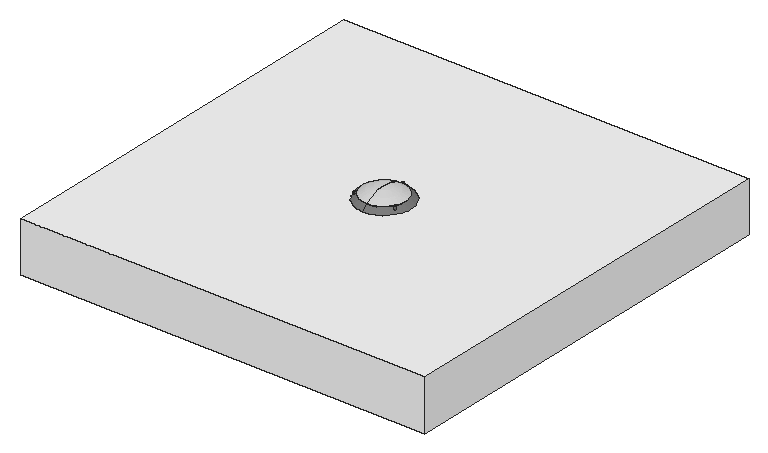
Revit family "Sarlam_Eclairage_Hublot_Chartres_Essentiel_T1_Anti_Vandale_Diam_322mm_1500Lm", category Luminaires, Revit 2020
Family settings
  Hôte = Face
  Cote de connecteur circulaire = Utiliser le diamètre
  Type d'élément = Normal
  Couper avec des vides une fois chargée = Non
  Source d'éclairage = Oui
  Partagée = Non
  Point de calcul de pièce = Non
Parameters (values of type "ON/OFF ANTHRACITE")
  Zone plafond formes 1à7 [instance] = and(not(Diamètre externe = 328 mm), or([Antivandale Formes 2-4-7]), not([Afficher la zone de détection-pose murale]), [Afficher la zone de détection-pose plafond])  # no
  Zone murale formes 1à7 [instance] = and(not(Diamètre externe = 328 mm), or([Antivandale Formes 2-4-7]), [Afficher la zone de détection-pose murale], not([Afficher la zone de détection-pose plafond]))  # no
  Zone de détection = ""
  URL = "http://www.legrandoc.com/SL532110"
  Type de variation = "Non régulable"
  Type de tension = "CA"
  Tension nominale (Un) V MIN = 207
  Tension nominale (Un) V MAX = 253
  built-in parameter 1150107 = 3200 (stored number, unit not read)
  Température de couleur K MIN = 4000
  Température de couleur K MAX = 4000
  Source lumineuse = "Led non interchangeable"
  Répartition lumineuse = "Symétrique"
  Puissance du système W = 14
  Puissance de la source lumineuse W = ""
  Puissance de la lampe en Multiwatt = "14/24W"
  Wattage = 9.2903 W
  built-in parameter 1150110 = 1 (stored number, unit not read)
  built-in parameter 1150109 = 1 (stored number, unit not read)
  built-in parameter 1114218 = 1 (stored number, unit not read)
  built-in parameter 1150113 = 1 (stored number, unit not read)
  built-in parameter 1150112 = 1 (stored number, unit not read)
  built-in parameter 1150137 = (empty or 0)
  built-in parameter 1150132 = (empty or 0)
  Modèle = "SL-532110"
  Longueur d'encastrement = 0 mm
  Longueur = 322 mm
  Largeur d'encastrement = 322 mm
  Largeur = 322 mm
  built-in parameter 1150105 = 109.82 (stored number, unit not read)
  built-in parameter 1150102 = (empty or 0)
  Hauteur/profondeur d'encastrement = 0 mm
  Hauteur/profondeur = 70 mm
  Dimming Lamp Color Temperature Shift = (empty or 0)
  Lumens = 1380 lm
  Color Filter = 16777215
  Fichier de distribution photométrique = "SL532106.ies"
  built-in parameter 1114217 = 1 (stored number, unit not read)
  built-in parameter 1150139 = (empty or 0)
  Fabricant = "LEGRAND"
  Emettre à partir du diamètre du cercle = 200 mm
  Emettre la visibilité des formes dans le rendu = no
  built-in parameter 1150104 = 13.8 (stored number, unit not read)
  built-in parameter 1150106 = 1.0982 (stored number, unit not read)
  built-in parameter 1150115 = 1 (stored number, unit not read)
  built-in parameter 1150114 = 1 (stored number, unit not read)
  Diamètre externe = 322 mm
  Diamètre d'encastrement = 0 mm
  Description = "CHARTRES ESSENTIEL 1500LM 4000K AV ON/OFF ANTHRACITE"
  built-in parameter 1150138 = (empty or 0)
  built-in parameter 1150134 = 3
  Condition Générale d'Utilisation = "https://export.legrand.com/CGU-objets-BIM"
  Angle de l'inclinaison = 0.00°
  Afficher la zone de détection-pose plafond [instance] = no
  Afficher la zone de détection-pose murale [instance] = no
  Matériau du boîtier/corps = Plastique
  Indice de rendu des couleurs CRI = "80-89"
  Indice de protection contre les chocs (IK) = "IK10"
  Indice de protection (IP) = "IP55"
  Flux lumineux utile lm = 1500
  Elévation par défaut = 2500 mm
  Douille = "Sans"
  Courant nominal mA MIN = 55
  Courant nominal mA MAX = 68
  Couleur du boîtier/corps = LEGRAND - Anthracite
  Classe de protection = "II"
  Avec détecteur de mouvement = no
  Avec détecteur crépusculaire = no
  Appareillage = "Appareil à LED commandé en courant"
  Antivandale Formes 2-4-7 = yes
  Angle du faisceau = "Faisceau libre"
  Afficher l'étiquette de zone [instance] = no
  Adapté à une suspension = no
  Adapté à un montage encastré = no
  Adapté à un montage en saillie = yes
  Adapté à un montage en applique = yes
  Adapté à un montage au plafond = yes
  built-in parameter 1150133 = 10 (stored number, unit not read)
Types (6, lengths in mm): name | Zone de détection | URL | Puissance du système W | Modèle | Description | Courant nominal mA MIN | Courant nominal mA MAX | Couleur du boîtier/corps | Avec détecteur de mouvement | Avec détecteur crépusculaire
  ON/OFF BLANC | "" | "http://www.legrandoc.com/SL532109" | 14 | "SL-532109" | "CHARTRES ESSENTIEL 1500LM 4000K AV ON/OFF BLANC" | 55 | 68 | LEGRAND - Blanc | no | no
  ON/OFF ANTHRACITE | "" | "http://www.legrandoc.com/SL532110" | 14 | "SL-532110" | "CHARTRES ESSENTIEL 1500LM 4000K AV ON/OFF ANTHRACITE" | 55 | 68 | LEGRAND - Anthracite | no | no
  ON/OFF GRIS METAL | "" | "http://www.legrandoc.com/SL532111" | 14 | "SL-532111" | "CHARTRES ESSENTIEL 1500LM 4000K AV ON/OFF GRIS METAL" | 55 | 68 | LEGRAND - Gris métal | no | no
  Détection BLANC | "Détection à 2,5m haut Plafond: Ø6m maxi Mur: Ellipse 16*17m" | "http://www.legrandoc.com/SL532149" | 15 | "SL-532149" | "CHARTRES ESSENTIEL 1500LM 4000K  AV DETECTION HF BLANC" | 59 | 73 | LEGRAND - Blanc | yes | yes
  Détection ANTHRACITE | "Détection à 2,5m haut Plafond: Ø6m maxi Mur: Ellipse 16*17m" | "http://www.legrandoc.com/SL532150" | 15 | "SL-532150" | "CHARTRES ESSENTIEL 1500LM 4000K  AV DETECTION HF ANTHRACITE" | 59 | 73 | LEGRAND - Anthracite | yes | yes
  Détection GRIS METAL | "Détection à 2,5m haut Plafond: Ø6m maxi Mur: Ellipse 16*17m" | "http://www.legrandoc.com/SL532151" | 15 | "SL-532151" | "CHARTRES ESSENTIEL 1500LM 4000K  AV DETECTION HF GRIS METAL" | 59 | 73 | LEGRAND - Gris métal | yes | yes
Reference planes
  plane 1 "Centre (avant/arrière)": y = 0
  plane 2: z = 0
  plane 3 "Centre (gauche/droite)": x = 0
  plane 4: z = 90
Forms (mm)
  Extrusion 1, solid, material "Blanc"
    sketch origin (0, 0, 0) x (1, 0, 0) y (0, 1, 0)
      loop
        line (-1219.2, 1219.2) -> (-1219.2, -1219.2) -> (1219.2, -1219.2) -> (1219.2, 1219.2) -> (-1219.2, 1219.2)
    from 0 to -304.8
Lines and regions (mm)
  model lines, not visible
    curve 1: line (0, 0, 0) -> (0, 0, 2230)
    curve 2: line (0, 0, 0) -> (0, 3300, 0)
    curve 3: line (0, 0, 0) -> (-2620, 0, 0)
Dimensions and locks
  level to plane 4 = 90 mm
  aligned and locked: plane 2 to Extrusion 1
  aligned and locked: level to Extrusion 1
  aligned and locked: imposter light to plane 4
  aligned and locked: plane 3 "Centre (gauche/droite)" to imposter light
Nested families
  nested 1: "Zone de détection murale Chartres-Astreo" at (0, 0, 0) x (0, 0, 1) z (0, -1, 0), visible <- "Afficher la zone de détection-pose murale", type "Zone de détection murale"
  nested 2: "Formes 1-2-3-4-6-7-8-9" at (0, 0, 0), type "Formes"
    with Fl 70 mm, Dimension hublot 129.3 mm, Diamètre total 322 mm, Courbure 220.2 mm, Antivandale Formes 2-4-7 yes
  nested 3: "Zone de détection plafond Chartres-Astreo" at (0, 0, 2500), visible <- "Afficher la zone de détection-pose plafond", type "Zone de détection plafond"
    with Zone plafond Formes 8à9 no
  nested 4: "Zone de détection murale Chartres-Astreo" at (0, 0, 0) x (0, 0, 1) z (1, 0, 0), visible <- "Afficher la zone de détection-pose murale", type "Zone de détection murale"
  nested 5: "Etiquette de zone" at (-40, 211, 0) x (-1, 0, 0) z (0, 0, 1), visible <- "Afficher l'étiquette de zone", type "Etiquette de zone"
Connectors
  electrical at (0, 0, 0)
    settings: on nested 2, index 1, voltage 230 V, apparent load 0 VA, apparent load phase1 0 VA, apparent load phase2 0 VA, apparent load phase3 0 VA, power factor 1, load classification "Eclairage", number of poles 1, system type 30, power factor state 1, is connector primary yes, connector utility no, sub classification motor no, connector description ""
Definition of nested family "Formes 1-2-3-4-6-7-8-9"
  Parameters (values of type "Formes")
    Standard Forme 8 = no
    Standard Formes 1-3-6 = no
    Matériau hublot = none
    Matériau corps = none
    Fl = if(Diamètre total < 325 mm, 70 mm, if(Diamètre total = 328 mm, 107 mm, 90 mm))  # 107 mm
    Default Elevation = 0 mm
    Dimension hublot = if(Diamètre total = 300 mm, 121.1 mm, if(Diamètre total = 322 mm, 129.3 mm, if(Diamètre total = 328 mm, 148.6 mm, if(Diamètre total = 420 mm, 179.2 mm, 185.3 mm))))  # 148.6 mm
    Diamètre total = 328 mm
    Courbure = if(Diamètre total = 300 mm, 195.7 mm, if(Diamètre total = 322 mm, 220.2 mm, if(Diamètre total = 328 mm, 179.2 mm, if(Diamètre total = 420 mm, 290 mm, 307.8 mm))))  # 179.2 mm
    Couleur corps = none
    Antivandale Forme 9 = no
    Antivandale Formes 2-4-7 = no
  Reference planes
    plane 1 "Centre (avant/arrière)": y = 0
    plane 2: z = 0
    plane 3 "Centre (gauche/droite)": x = 0
    plane 4: y = 164
    plane 5: y = -164
    plane 6: y = 148.6
  Forms (mm)
    Revolve 1, solid, material <- "Matériau hublot"
      sketch origin (0, 0, 0) x (0, 0, -1) y (0, 1, 0)
        loop
          arc (-28, 148.6) -> (-86.03, 84.151) -> (-107, 0) r 179.2
          line (-107, 0) -> (-28, 0) -> (-28, 148.6)
        axis (-28, 0) -> (-107, 0)
      angle from 0 to 360
  Dimensions and locks
    equal spacing: plane 4, plane 1 "Centre (avant/arrière)", plane 5
    "Diamètre total": plane 4 to plane 5
    equal spacing: plane 5, plane 1 "Centre (avant/arrière)", plane 4
    "Dimension hublot": plane 1 "Centre (avant/arrière)" to plane 6
    "Fl": Revolve 1 sketch curve to plane 2
    "Courbure": radius of Revolve 1 sketch curve
    aligned and locked: level to plane 2
    aligned and locked: plane 6 to Revolve 1 sketch curve
    aligned and locked: plane 2 to nested 2
  Automatic sketch dimensions
    Revolve 1 sketch curve to plane 1 "Centre (avant/arrière)" = 0 mm  (x2)
    level to Revolve 1 sketch curve = 28 mm
    Revolve 1 sketch curve to Revolve 1 sketch curve = 1811.469 mm
    Revolve 1 sketch curve to Revolve 1 sketch curve = 1147.22 mm
  Nested families
    nested 1: "Corps standard Formes 1-3-6" at (0, 0, 0), visible <- "Standard Formes 1-3-6", type "Corps standard Formes 1-3-6"
      with Diamètre 328 mm
    nested 2: "Corps antivandale Formes 2-4-7" at (0, 0, 0), visible <- "Antivandale Formes 2-4-7", type "Corps antivandale Formes 2-4-7"
      with Diamètre 328 mm
    nested 3: "Corps standard Forme 8" at (0, 0, 0), visible <- "Standard Forme 8", type "Corps standard Forme 8"
    nested 4: "Corps antivandale Forme 9" at (0, 0, 0), visible <- "Antivandale Forme 9", type "Corps antivandale Forme 9"
  Definition of nested family "Corps standard Formes 1-3-6"
    Parameters (values of type "Corps standard")
      Matériau corps = none
      Default Elevation = 0 mm
      Couleur corps = none
      Diamètre = 322 mm
      Courbure = if(Diamètre < 400 mm, 195.7 mm, 290 mm)  # 195.7 mm
    Reference planes
      plane 1 "Centre (avant/arrière)": y = 0
      plane 2: z = 0
      plane 3 "Centre (gauche/droite)": x = 0
      plane 4: y = 161
      plane 5: y = -161
      plane 6: z = 28
    Forms (mm)
      Revolve 1, solid, material <- "Couleur corps"
        sketch origin (0, 0, 0) x (0, 0, -1) y (0, 1, 0)
          loop
            line (0, 0) -> (0, 161)
            arc (0, 161) -> (-14.55, 149.906) -> (-28, 137.502) r 195.7
            line (-28, 137.502) -> (-28, 0) -> (0, 0)
          axis (0, 0) -> (-28, 0)
        angle from 0 to 360
    Dimensions and locks
      equal spacing: plane 4, plane 1 "Centre (avant/arrière)", plane 5
      "Diamètre": plane 4 to plane 5
      equal spacing: plane 5, plane 1 "Centre (avant/arrière)", plane 4
      "Courbure": radius of Revolve 1 sketch curve
      aligned and locked: level to plane 2
      aligned and locked: plane 2 to Revolve 1  (x2)
      aligned and locked: Revolve 1 to plane 2
      aligned and locked: plane 6 to Revolve 1
    Automatic sketch dimensions
      Revolve 1 sketch curve to plane 1 "Centre (avant/arrière)" = 0 mm  (x3)
      Revolve 1 sketch curve to plane 6 = 0 mm
      Revolve 1 sketch curve to level = 0 mm
      Revolve 1 sketch curve to plane 4 = 0 mm
      plane 6 to Revolve 1 sketch curve = 1833.51 mm
      Revolve 1 sketch curve to Revolve 1 sketch curve = 1167.217 mm
  Definition of nested family "Corps antivandale Formes 2-4-7"
    Parameters (values of type "Corps antivandale")
      Rayon réseau vis = if(Diamètre < 400 mm, 137.2 mm, 193.2 mm)  # 137.2 mm
      Matériau corps = none
      Default Elevation = 0 mm
      Diamètre = 322 mm
      Courbure = if(Diamètre < 400 mm, 220.2 mm, 307.8 mm)  # 220.2 mm
      Couleur corps = none
    Reference planes
      plane 1 "Centre (avant/arrière)": y = 0
      plane 2: z = 0
      plane 3 "Centre (gauche/droite)": x = 0
      plane 4: y = 161
      plane 5: y = -161
      plane 6: z = 28
      plane 7: through (0, 0, 1200) normal (0.5, 0.866, 0)
      plane 8: through (0, 0, 1200) normal (0.5, -0.866, 0)
    Forms (mm)
      Revolve 1, solid, material <- "Couleur corps"
        sketch origin (0, 0, 0) x (0, 0, -1) y (0, 1, 0)
          loop
            line (0, 0) -> (0, 161)
            arc (0, 161) -> (-14.762, 145.835) -> (-28, 129.323) r 220.2
            line (-28, 129.323) -> (-28, 0) -> (0, 0)
          axis (0, 0) -> (-28, 0)
        angle from 0 to 360
      Extrusion 2, solid, material <- "Couleur corps"
        sketch origin (0, -0.04, 0) x (1, 0, 0) y (0, 1, 0)
          loop
            line (-4, 129.32) -> (-4, 137.3)
            arc (-4, 137.3) -> (0, 141.3) -> (4, 137.3) r 4
            line (4, 137.3) -> (4, 129.32)
            arc (4, 129.32) -> (5, 129.285) -> (6, 129.243) r 129.323
            line (6, 129.243) -> (6, 137.3)
            arc (6, 137.3) -> (0, 143.3) -> (-6, 137.3) r 6
            line (-6, 137.3) -> (-6, 129.243)
            arc (-6, 129.243) -> (-5, 129.285) -> (-4, 129.32) r 129.323
        from 15.189 to 28
      Extrusion 3, solid, material <- "Couleur corps"
        sketch origin (-0.035, 0.02, 0) x (-0.5, -0.866025, 0) y (0.866025, -0.5, 0)
          loop
            line (-4, 129.32) -> (-4, 137.3)
            arc (-4, 137.3) -> (0, 141.3) -> (4, 137.3) r 4
            line (4, 137.3) -> (4, 129.32)
            arc (4, 129.32) -> (5, 129.285) -> (6, 129.243) r 129.323
            line (6, 129.243) -> (6, 137.3)
            arc (6, 137.3) -> (0, 143.3) -> (-6, 137.3) r 6
            line (-6, 137.3) -> (-6, 129.243)
            arc (-6, 129.243) -> (-5, 129.285) -> (-4, 129.32) r 129.323
        from 15.189 to 28
      Extrusion 4, solid, material <- "Couleur corps"
        sketch origin (0.035, 0.02, 0) x (-0.5, 0.866025, 0) y (-0.866025, -0.5, 0)
          loop
            line (-4, 129.32) -> (-4, 137.3)
            arc (-4, 137.3) -> (0, 141.3) -> (4, 137.3) r 4
            line (4, 137.3) -> (4, 129.32)
            arc (4, 129.32) -> (5, 129.285) -> (6, 129.243) r 129.323
            line (6, 129.243) -> (6, 137.3)
            arc (6, 137.3) -> (0, 143.3) -> (-6, 137.3) r 6
            line (-6, 137.3) -> (-6, 129.243)
            arc (-6, 129.243) -> (-5, 129.285) -> (-4, 129.32) r 129.323
        from 15.189 to 28
      Revolve 5, solid
        sketch origin (0, 0.018, -12.656) x (0, 1, 0) y (0, 0, 1)
          loop
            line (136.525, 38.942) -> (136.525, 29.094) -> (136.962, 29.907) -> (137.751, 35.518) -> (140.148, 38.942) -> (136.525, 38.942)
          axis (136.525, 29.094) -> (136.525, 38.942)
        angle from 0 to 360
      Revolve 6, solid
        sketch origin (0.016, -0.009, -12.656) x (0.866025, -0.5, 0) y (0, 0, 1)
          loop
            line (136.525, 38.942) -> (136.525, 29.094) -> (136.962, 29.907) -> (137.751, 35.518) -> (140.148, 38.942) -> (136.525, 38.942)
          axis (136.525, 29.094) -> (136.525, 38.942)
        angle from 0 to 360
      Revolve 7, solid
        sketch origin (-0.016, -0.009, -12.656) x (-0.866025, -0.5, 0) y (0, 0, 1)
          loop
            line (136.525, 38.942) -> (136.525, 29.094) -> (136.962, 29.907) -> (137.751, 35.518) -> (140.148, 38.942) -> (136.525, 38.942)
          axis (136.525, 29.094) -> (136.525, 38.942)
        angle from 0 to 360
    Cuts and joins
      joined: Revolve 1, Extrusion 2
    Lines and regions (mm)
      model lines
        curve 1: line (-2.5, 136.543, 26.285) -> (2.5, 136.543, 26.285)
        curve 2: line (0, 138.995, 26.285) -> (0, 133.995, 26.285)
        curve 3: line (119.5, -66.107, 26.285) -> (117, -70.437, 26.285)
        curve 4: line (120.373, -69.497, 26.285) -> (116.043, -66.997, 26.285)
        curve 5: line (-117, -70.437, 26.285) -> (-119.5, -66.107, 26.285)
        curve 6: line (-120.373, -69.497, 26.285) -> (-116.043, -66.997, 26.285)
    Dimensions and locks
      equal spacing: plane 4, plane 1 "Centre (avant/arrière)", plane 5
      "Diamètre": plane 4 to plane 5
      equal spacing: plane 5, plane 1 "Centre (avant/arrière)", plane 4
      "Courbure": radius of Revolve 1 sketch curve
      "Rayon réseau vis": radius of radial array
      aligned and locked: level to plane 2
      aligned and locked: plane 2 to Revolve 1  (x2)
      aligned and locked: Revolve 1 to plane 2
      aligned and locked: plane 6 to Revolve 1
    Automatic sketch dimensions
      Extrusion 2 sketch curve to Extrusion 2 sketch curve = 0 mm  (x9)
      Extrusion 2 sketch curve to Extrusion 2 sketch curve = 7.98 mm
      Extrusion 2 sketch curve to Extrusion 2 sketch curve = 0.077 mm
      Extrusion 2 sketch curve to Extrusion 2 sketch curve = 2 mm
      Extrusion 2 sketch curve to Extrusion 2 sketch curve = 4 mm
      Extrusion 2 sketch curve to Extrusion 2 sketch curve = 6 mm
      Extrusion 3 sketch curve to Extrusion 3 sketch curve = 0 mm  (x9)
      Extrusion 3 sketch curve to Extrusion 3 sketch curve = 7.98 mm
      Extrusion 3 sketch curve to Extrusion 3 sketch curve = 0.077 mm
      Extrusion 3 sketch curve to Extrusion 3 sketch curve = 2 mm
      Extrusion 3 sketch curve to Extrusion 3 sketch curve = 4 mm
      Extrusion 3 sketch curve to Extrusion 3 sketch curve = 6 mm
      Extrusion 4 sketch curve to Extrusion 4 sketch curve = 0 mm  (x9)
      Extrusion 4 sketch curve to Extrusion 4 sketch curve = 7.98 mm
      Extrusion 4 sketch curve to Extrusion 4 sketch curve = 0.077 mm
      Extrusion 4 sketch curve to Extrusion 4 sketch curve = 2 mm
      Extrusion 4 sketch curve to Extrusion 4 sketch curve = 4 mm
      Extrusion 4 sketch curve to Extrusion 4 sketch curve = 6 mm
      Revolve 7 sketch curve to Revolve 7 sketch curve = 0.437 mm  (x2)
      Revolve 7 sketch curve to Revolve 7 sketch curve = 1.226 mm  (x2)
      Revolve 7 sketch curve to Revolve 7 sketch curve = 2.397 mm
      Revolve 7 sketch curve to Revolve 7 sketch curve = 0.813 mm  (x2)
      Revolve 7 sketch curve to Revolve 7 sketch curve = 5.611 mm  (x2)
      Revolve 7 sketch curve to Revolve 7 sketch curve = 3.424 mm  (x2)
      Revolve 7 sketch curve to Revolve 7 sketch curve = 0 mm  (x2)
      Revolve 7 sketch curve to Revolve 7 sketch curve = 0.975 mm
      Revolve 7 sketch curve to Revolve 7 sketch curve = 3.281 mm  (x2)
      Revolve 5 sketch curve to Revolve 5 sketch curve = 0.437 mm  (x2)
      Revolve 5 sketch curve to Revolve 5 sketch curve = 1.226 mm  (x2)
      Revolve 5 sketch curve to Revolve 5 sketch curve = 3.623 mm
      Revolve 5 sketch curve to Revolve 5 sketch curve = 5.611 mm  (x2)
      Revolve 5 sketch curve to Revolve 5 sketch curve = 3.424 mm  (x2)
      Revolve 5 sketch curve to Revolve 5 sketch curve = 0 mm  (x2)
      Revolve 5 sketch curve to Revolve 5 sketch curve = 0.813 mm  (x2)
      Revolve 5 sketch curve to Revolve 5 sketch curve = 0.162 mm
      Revolve 5 sketch curve to Revolve 5 sketch curve = 3.281 mm  (x2)
      Revolve 6 sketch curve to Revolve 6 sketch curve = 0.437 mm  (x2)
      Revolve 6 sketch curve to Revolve 6 sketch curve = 1.226 mm  (x2)
      Revolve 6 sketch curve to Revolve 6 sketch curve = 3.623 mm
      Revolve 6 sketch curve to Revolve 6 sketch curve = 5.611 mm  (x2)
      Revolve 6 sketch curve to Revolve 6 sketch curve = 3.424 mm  (x2)
      Revolve 6 sketch curve to Revolve 6 sketch curve = 0 mm  (x2)
      Revolve 6 sketch curve to Revolve 6 sketch curve = 0.813 mm  (x2)
      Revolve 6 sketch curve to Revolve 6 sketch curve = 0.162 mm
      Revolve 6 sketch curve to Revolve 6 sketch curve = 3.281 mm  (x2)
      Revolve 7 sketch curve to Revolve 7 sketch curve = 3.623 mm
      Revolve 7 sketch curve to Revolve 7 sketch curve = 0.162 mm
      curve 2 to Revolve 5 = 0 mm
      curve 2 to curve 1 = 2.548 mm
      curve 1 to curve 2 = 2.452 mm
      Revolve 5 to curve 1 = 2.5 mm
      curve 1 to Revolve 5 = 2.5 mm
      curve 4 to Revolve 6 = 0 mm
      curve 4 to curve 3 = 2.548 mm
      curve 3 to curve 4 = 2.452 mm
      Revolve 6 to curve 3 = 2.5 mm
      curve 3 to Revolve 6 = 2.5 mm
      curve 6 to Revolve 7 = 0 mm
      curve 6 to curve 5 = 2.548 mm
      curve 5 to curve 6 = 2.452 mm
      Revolve 7 to curve 5 = 2.5 mm
      curve 5 to Revolve 7 = 2.5 mm
      Revolve 5 sketch curve to Revolve 5 sketch curve = 2.397 mm
      Revolve 5 sketch curve to Revolve 5 sketch curve = 0.975 mm
      Revolve 6 sketch curve to Revolve 6 sketch curve = 2.397 mm
      Revolve 6 sketch curve to Revolve 6 sketch curve = 0.975 mm
      Revolve 1 sketch curve to plane 1 "Centre (avant/arrière)" = 0 mm  (x3)
      Revolve 1 sketch curve to plane 6 = 0 mm
      Revolve 1 sketch curve to level = 0 mm
      Revolve 1 sketch curve to plane 4 = 0 mm
      plane 6 to Revolve 1 sketch curve = 1833.51 mm
      Revolve 1 sketch curve to Revolve 1 sketch curve = 1128.321 mm
  Definition of nested family "Corps standard Forme 8"
    Parameters (values of type "Corps standard Forme 8")
      Matériau corps = none
      Default Elevation = 0 mm
      Couleur corps = none
      Diamètre = 328 mm
    Reference planes
      plane 1 "Centre (avant/arrière)": y = 0
      plane 2: z = 0
      plane 3 "Centre (gauche/droite)": x = 0
      plane 4: y = 164
      plane 5: y = -164
      plane 6: z = 28
      plane 7: y = 7.5
      plane 8: y = -7.5
    Forms (mm)
      Revolve 1, solid, material <- "Couleur corps"
        sketch origin (0, 0, 0) x (0, 0, -1) y (0, 1, 0)
          loop
            line (0, 0) -> (0, 164)
            arc (0, 164) -> (-14.345, 156.905) -> (-28, 148.559) r 179.182
            line (-28, 148.559) -> (-28, 0) -> (0, 0)
          axis (0, 0) -> (-28, 0)
        angle from 0 to 360
      Sweep 2, void
        path origin (0, 0, 0) x (1, 0, 0) y (0, 1, 0)
          loop
            arc (153.049, 7.5) -> (0, 153.232) -> (-153.049, 7.5) r 153.232
        profile origin (0, 153.232, 0) x (0, -1, 0) y (0, 0, 1)
          loop
            line (-5.469, 6.213) -> (-10.469, 16.465) -> (-10.469, 6.213) -> (-5.469, 6.213)
      Sweep 3, void
        path origin (0, 0, 0) x (1, 0, 0) y (0, 1, 0)
          loop
            arc (153.049, 7.5) -> (0, 153.232) -> (-153.049, 7.5) r 153.232
        profile origin (0, 153.232, 0) x (0, -1, 0) y (0, 0, 1)
          loop
            line (-1.643, 13.471) -> (-6.643, 23.723) -> (-6.643, 13.471) -> (-1.643, 13.471)
      Sweep 4, void
        path origin (0, 0, 0) x (1, 0, 0) y (0, -1, 0)
          loop
            arc (153.049, 7.5) -> (0, 153.232) -> (-153.049, 7.5) r 153.232
        profile origin (0, -153.232, 0) x (0, -1, 0) y (0, 0, 1)
          loop
            line (1.643, 13.471) -> (6.643, 13.471) -> (6.643, 23.723) -> (1.643, 13.471)
      Sweep 5, void
        path origin (0, 0, 0) x (1, 0, 0) y (0, -1, 0)
          loop
            arc (153.049, 7.5) -> (0, 153.232) -> (-153.049, 7.5) r 153.232
        profile origin (0, -153.232, 0) x (0, -1, 0) y (0, 0, 1)
          loop
            line (5.469, 6.213) -> (10.469, 6.213) -> (10.469, 16.465) -> (5.469, 6.213)
    Cuts and joins
      Sweep 2, Sweep 3, Sweep 4, Sweep 5 cuts Revolve 1
    Dimensions and locks
      equal spacing: plane 4, plane 1 "Centre (avant/arrière)", plane 5
      "Diamètre": plane 4 to plane 5
      equal spacing: plane 5, plane 1 "Centre (avant/arrière)", plane 4
      aligned and locked: level to plane 2
      aligned and locked: plane 2 to Revolve 1  (x2)
      aligned and locked: Revolve 1 to plane 2
      aligned and locked: plane 6 to Revolve 1
    Automatic sketch dimensions
      Sweep 2 sketch curve to plane 7 = 0 mm  (x2)
      plane 1 "Centre (avant/arrière)" to Sweep 2 sketch curve = 0 mm
      Sweep 2 sketch curve to plane 3 "Centre (gauche/droite)" = 0 mm
      Sweep 2 sketch curve to plane 3 "Centre (gauche/droite)" = 153.049 mm
      Sweep 3 sketch curve to plane 7 = 0 mm  (x2)
      plane 1 "Centre (avant/arrière)" to Sweep 3 sketch curve = 0 mm
      Sweep 3 sketch curve to plane 3 "Centre (gauche/droite)" = 0 mm
      Sweep 3 sketch curve to plane 3 "Centre (gauche/droite)" = 153.049 mm
      Sweep 4 sketch curve to plane 8 = 0 mm  (x2)
      plane 1 "Centre (avant/arrière)" to Sweep 4 sketch curve = 0 mm
      Sweep 4 sketch curve to plane 3 "Centre (gauche/droite)" = 0 mm
      plane 3 "Centre (gauche/droite)" to Sweep 4 sketch curve = 153.049 mm
      Sweep 5 sketch curve to plane 8 = 0 mm  (x2)
      plane 1 "Centre (avant/arrière)" to Sweep 5 sketch curve = 0 mm
      Sweep 5 sketch curve to plane 3 "Centre (gauche/droite)" = 0 mm
      plane 3 "Centre (gauche/droite)" to Sweep 5 sketch curve = 153.049 mm
      Revolve 1 sketch curve to plane 1 "Centre (avant/arrière)" = 0 mm  (x3)
      Revolve 1 sketch curve to plane 6 = 0 mm
      Revolve 1 sketch curve to level = 0 mm
      Revolve 1 sketch curve to plane 4 = 0 mm
      Revolve 1 sketch curve to Revolve 1 sketch curve = 72.182 mm
      plane 6 to Revolve 1 sketch curve = 1833.51 mm
      Revolve 1 sketch curve to Revolve 1 sketch curve = 1201.817 mm
      profile plane to Sweep 2 sketch curve = 10.469 mm
      Sweep 2 sketch curve to Sweep 2 sketch curve = 5 mm
      level to Sweep 2 sketch curve = 6.213 mm
      Sweep 2 sketch curve to Sweep 2 sketch curve = 10.252 mm
      profile plane to Sweep 3 sketch curve = 6.643 mm
      profile plane to Sweep 3 sketch curve = 1.643 mm
      level to Sweep 3 sketch curve = 13.471 mm
      Sweep 3 sketch curve to Sweep 3 sketch curve = 10.252 mm
      Sweep 4 sketch curve to profile plane = 1.643 mm
      Sweep 4 sketch curve to profile plane = 6.643 mm
      level to Sweep 4 sketch curve = 13.471 mm
      Sweep 4 sketch curve to Sweep 4 sketch curve = 10.252 mm
      Sweep 5 sketch curve to profile plane = 5.469 mm
      Sweep 5 sketch curve to profile plane = 10.469 mm
      level to Sweep 5 sketch curve = 6.213 mm
      Sweep 5 sketch curve to Sweep 5 sketch curve = 10.252 mm
  Definition of nested family "Corps antivandale Forme 9"
    Parameters (values of type "Corps antivandale Forme 9")
      Matériau corps = none
      Default Elevation = 0 mm
      Couleur corps = none
      Diamètre = 328 mm
    Reference planes
      plane 1 "Centre (avant/arrière)": y = 0
      plane 2: z = 0
      plane 3 "Centre (gauche/droite)": x = 0
      plane 4: y = 164
      plane 5: y = -164
      plane 6: z = 28
      plane 7: y = 7.5
      plane 8: y = -7.5
    Forms (mm)
      Revolve 1, solid, material <- "Couleur corps"
        sketch origin (0, 0, 0) x (0, 0, -1) y (0, 1, 0)
          loop
            line (0, 0) -> (0, 164)
            arc (0, 164) -> (-14.345, 156.905) -> (-28, 148.559) r 179.182
            line (-28, 148.559) -> (-28, 0) -> (0, 0)
          axis (0, 0) -> (-28, 0)
        angle from 0 to 360
      Extrusion 2, void
        sketch origin (-1.406, 0, 0) x (1, 0, 0) y (0, 1, 0)
          loop
            circle (157.486, 0) r 5
        from 5.665 to 28
      Sweep 3, void
        path origin (0, 0, 0) x (1, 0, 0) y (0, 1, 0)
          loop
            arc (153.049, 7.5) -> (0, 153.232) -> (-153.049, 7.5) r 153.232
        profile origin (0, 153.232, 0) x (0, -1, 0) y (0, 0, 1)
          loop
            line (-5.469, 6.213) -> (-10.469, 16.465) -> (-10.469, 6.213) -> (-5.469, 6.213)
      Extrusion 4, void
        sketch origin (1.406, 0, 0) x (-1, 0, 0) y (0, -1, 0)
          loop
            circle (157.486, 0) r 5
        from 5.665 to 28
      Sweep 5, void
        path origin (0, 0, 0) x (1, 0, 0) y (0, 1, 0)
          loop
            arc (153.049, 7.5) -> (0, 153.232) -> (-153.049, 7.5) r 153.232
        profile origin (0, 153.232, 0) x (0, -1, 0) y (0, 0, 1)
          loop
            line (-1.643, 13.471) -> (-6.643, 23.723) -> (-6.643, 13.471) -> (-1.643, 13.471)
      Sweep 6, void
        path origin (0, 0, 0) x (1, 0, 0) y (0, -1, 0)
          loop
            arc (153.049, 7.5) -> (0, 153.232) -> (-153.049, 7.5) r 153.232
        profile origin (0, -153.232, 0) x (0, -1, 0) y (0, 0, 1)
          loop
            line (1.643, 13.471) -> (6.643, 13.471) -> (6.643, 23.723) -> (1.643, 13.471)
      Sweep 7, void
        path origin (0, 0, 0) x (1, 0, 0) y (0, -1, 0)
          loop
            arc (153.049, 7.5) -> (0, 153.232) -> (-153.049, 7.5) r 153.232
        profile origin (0, -153.232, 0) x (0, -1, 0) y (0, 0, 1)
          loop
            line (5.469, 6.213) -> (10.469, 6.213) -> (10.469, 16.465) -> (5.469, 6.213)
      Revolve 8, solid
        sketch origin (-156.149, -136.533, -30.469) x (0, 1, 0) y (0, 0, 1)
          loop
            line (136.525, 38.942) -> (136.525, 31.651) -> (137.319, 32.445) -> (137.923, 36.741) -> (139.106, 38.942) -> (136.525, 38.942)
          axis (136.525, 31.651) -> (136.525, 38.942)
        angle from 0 to 360
      Revolve 9, solid
        sketch origin (156.149, -136.533, -30.469) x (0, 1, 0) y (0, 0, -1)
          loop
            line (136.525, -38.942) -> (139.106, -38.942) -> (137.923, -36.741) -> (137.319, -32.445) -> (136.525, -31.651) -> (136.525, -38.942)
          axis (136.525, -31.651) -> (136.525, -38.942)
        angle from 0 to 360
    Cuts and joins
      Extrusion 2, Sweep 3, Extrusion 4, Sweep 5, Sweep 6, Sweep 7 cuts Revolve 1
    Lines and regions (mm)
      model lines
        curve 1: line (-156.149, 1.39, 8.473) -> (-156.149, -1.406, 8.473)
        curve 2: line (-157.503, 0, 8.473) -> (-154.615, 0, 8.473)
        curve 3: line (156.149, 1.39, 8.473) -> (156.149, -1.406, 8.473)
        curve 4: line (157.503, 0, 8.473) -> (154.615, 0, 8.473)
    Dimensions and locks
      equal spacing: plane 4, plane 1 "Centre (avant/arrière)", plane 5
      "Diamètre": plane 4 to plane 5
      equal spacing: plane 5, plane 1 "Centre (avant/arrière)", plane 4
      aligned and locked: level to plane 2
      aligned and locked: plane 2 to Revolve 1  (x2)
      aligned and locked: Revolve 1 to plane 2
      aligned and locked: plane 6 to Revolve 1
    Automatic sketch dimensions
      plane 1 "Centre (avant/arrière)" to Extrusion 2 sketch curve = 0 mm
      plane 3 "Centre (gauche/droite)" to Extrusion 2 sketch curve = 156.08 mm
      Sweep 3 sketch curve to plane 7 = 0 mm  (x2)
      plane 1 "Centre (avant/arrière)" to Sweep 3 sketch curve = 0 mm
      Sweep 3 sketch curve to plane 3 "Centre (gauche/droite)" = 0 mm
      Sweep 3 sketch curve to plane 3 "Centre (gauche/droite)" = 153.049 mm
      plane 1 "Centre (avant/arrière)" to Extrusion 4 sketch curve = 0 mm
      plane 3 "Centre (gauche/droite)" to Extrusion 4 sketch curve = 156.08 mm
      Sweep 5 sketch curve to plane 7 = 0 mm  (x2)
      plane 1 "Centre (avant/arrière)" to Sweep 5 sketch curve = 0 mm
      Sweep 5 sketch curve to plane 3 "Centre (gauche/droite)" = 0 mm
      Sweep 5 sketch curve to plane 3 "Centre (gauche/droite)" = 153.049 mm
      Sweep 6 sketch curve to plane 8 = 0 mm  (x2)
      plane 1 "Centre (avant/arrière)" to Sweep 6 sketch curve = 0 mm
      Sweep 6 sketch curve to plane 3 "Centre (gauche/droite)" = 0 mm
      plane 3 "Centre (gauche/droite)" to Sweep 6 sketch curve = 153.049 mm
      Sweep 7 sketch curve to plane 8 = 0 mm  (x2)
      plane 1 "Centre (avant/arrière)" to Sweep 7 sketch curve = 0 mm
      Sweep 7 sketch curve to plane 3 "Centre (gauche/droite)" = 0 mm
      plane 3 "Centre (gauche/droite)" to Sweep 7 sketch curve = 153.049 mm
      Revolve 1 sketch curve to plane 1 "Centre (avant/arrière)" = 0 mm  (x3)
      Revolve 1 sketch curve to plane 6 = 0 mm
      Revolve 1 sketch curve to level = 0 mm
      Revolve 1 sketch curve to plane 4 = 0 mm
      Revolve 1 sketch curve to Revolve 1 sketch curve = 72.182 mm
      plane 6 to Revolve 1 sketch curve = 1833.51 mm
      Revolve 1 sketch curve to Revolve 1 sketch curve = 1201.817 mm
      profile plane to Sweep 3 sketch curve = 10.469 mm
      Sweep 3 sketch curve to Sweep 3 sketch curve = 5 mm
      level to Sweep 3 sketch curve = 6.213 mm
      Sweep 3 sketch curve to Sweep 3 sketch curve = 10.252 mm
      profile plane to Sweep 5 sketch curve = 6.643 mm
      profile plane to Sweep 5 sketch curve = 1.643 mm
      level to Sweep 5 sketch curve = 13.471 mm
      Sweep 5 sketch curve to Sweep 5 sketch curve = 10.252 mm
      Sweep 6 sketch curve to profile plane = 1.643 mm
      Sweep 6 sketch curve to profile plane = 6.643 mm
      level to Sweep 6 sketch curve = 13.471 mm
      Sweep 6 sketch curve to Sweep 6 sketch curve = 10.252 mm
      Sweep 7 sketch curve to profile plane = 5.469 mm
      Sweep 7 sketch curve to profile plane = 10.469 mm
      level to Sweep 7 sketch curve = 6.213 mm
      Sweep 7 sketch curve to Sweep 7 sketch curve = 10.252 mm
      plane 1 "Centre (avant/arrière)" to Revolve 8 sketch curve = 0.008 mm  (x2)
      Revolve 8 sketch curve to plane 1 "Centre (avant/arrière)" = 0.786 mm
      Revolve 8 sketch curve to plane 1 "Centre (avant/arrière)" = 1.39 mm
      Revolve 8 sketch curve to Revolve 8 sketch curve = 1.183 mm
      level to Revolve 8 sketch curve = 1.183 mm
      Revolve 8 sketch curve to Revolve 8 sketch curve = 0.794 mm
      Revolve 8 sketch curve to Revolve 8 sketch curve = 4.296 mm
      Revolve 8 sketch curve to Revolve 8 sketch curve = 2.201 mm
      Revolve 8 sketch curve to level = 0.4 mm
      Revolve 8 sketch curve to Revolve 8 sketch curve = 3.281 mm
      plane 1 "Centre (avant/arrière)" to Revolve 9 sketch curve = 0.008 mm  (x2)
      Revolve 9 sketch curve to plane 1 "Centre (avant/arrière)" = 0.786 mm
      Revolve 9 sketch curve to plane 1 "Centre (avant/arrière)" = 1.39 mm
      Revolve 9 sketch curve to Revolve 9 sketch curve = 1.183 mm
      level to Revolve 9 sketch curve = 8.473 mm
      Revolve 9 sketch curve to Revolve 9 sketch curve = 2.201 mm
      level to Revolve 9 sketch curve = 1.977 mm
      Revolve 9 sketch curve to Revolve 9 sketch curve = 0.794 mm
      Revolve 9 sketch curve to Revolve 9 sketch curve = 3.281 mm
      Revolve 9 sketch curve to level = 0.4 mm
      curve 1 to Revolve 8 = 0 mm
      curve 1 to curve 3 = 0 mm
      curve 1 to curve 2 = 1.406 mm
      curve 3 to curve 4 = 1.406 mm
      curve 4 to curve 3 = 1.39 mm
      curve 2 to curve 1 = 1.39 mm
      Revolve 8 to curve 2 = 1.534 mm
      curve 4 to curve 2 = 309.23 mm
      curve 3 to curve 4 = 1.534 mm
      curve 4 to curve 3 = 1.354 mm
      curve 2 to Revolve 8 = 1.354 mm
      radius of Extrusion 2 sketch curve = 5 mm
      radius of Extrusion 4 sketch curve = 5 mm
Definition of nested family "Zone de détection murale Chartres-Astreo"
  Parameters (values of type "Zone de détection murale")
    Zone murale Formes 8à9 = no
    Zone murale Formes 1à7 = no
  Reference planes
    plane 1 "Centre (avant/arrière)": y = 0
    plane 2: z = 0
    plane 3 "Centre (gauche/droite)": x = 0
    plane 4: x = 3500
    plane 5: y = 1000
    plane 6: x = 10000
    plane 7: y = 3500
    plane 8: x = 13000
    plane 9: y = 4000
    plane 10: x = 17000
    plane 11: y = 8000
    plane 12: x = 6000
    plane 13: x = 8000
  Lines and regions (mm)
    detail lines, in view "Niveau de réf.", visible <- "Zone murale Formes 1à7"
      curve 1: spline (0, 0, 0) -> (59.63, 258.819, 0) -> (234.456, 500, 0) -> (512.563, 707.107, 0) -> (875, 866.025, 0) -> (1297.067, 965.926, 0) -> (1750, 1000, 0) -> (2202.933, 965.926, 0) -> (2625, 866.025, 0) -> (2987.437, 707.107, 0) -> (3265.544, 500, 0) -> (3440.37, 258.819, 0) -> (3500, 0, 0) -> (3440.37, -258.819, 0) -> (3265.544, -500, 0) -> (2987.437, -707.107, 0) -> (2625, -866.025, 0) -> (2202.933, -965.926, 0) -> (1750, -1000, 0) -> (1297.067, -965.926, 0) -> (875, -866.025, 0) -> (512.563, -707.107, 0) -> (234.456, -500, 0) -> (59.63, -258.819, 0) -> (0, 0, 0)
      curve 2: spline (0, 0, 0) -> (170.371, 905.867, 0) -> (669.873, 1750, 0) -> (1464.466, 2474.874, 0) -> (2500, 3031.089, 0) -> (3705.905, 3380.74, 0) -> (5000, 3500, 0) -> (6294.095, 3380.74, 0) -> (7500, 3031.089, 0) -> (8535.534, 2474.874, 0) -> (9330.127, 1750, 0) -> (9829.629, 905.867, 0) -> (10000, 0, 0) -> (9829.629, -905.867, 0) -> (9330.127, -1750, 0) -> (8535.534, -2474.874, 0) -> (7500, -3031.089, 0) -> (6294.095, -3380.74, 0) -> (5000, -3500, 0) -> (3705.905, -3380.74, 0) -> (2500, -3031.089, 0) -> (1464.466, -2474.874, 0) -> (669.873, -1750, 0) -> (170.371, -905.867, 0) -> (0, 0, 0)
      curve 3: spline (0, 0, 0) -> (221.482, 1035.276, 0) -> (870.835, 2000, 0) -> (1903.806, 2828.427, 0) -> (3250, 3464.102, 0) -> (4817.676, 3863.703, 0) -> (6500, 4000, 0) -> (8182.324, 3863.703, 0) -> (9750, 3464.102, 0) -> (11096.194, 2828.427, 0) -> (12129.165, 2000, 0) -> (12778.518, 1035.276, 0) -> (13000, 0, 0) -> (12778.518, -1035.276, 0) -> (12129.165, -2000, 0) -> (11096.194, -2828.427, 0) -> (9750, -3464.102, 0) -> (8182.324, -3863.703, 0) -> (6500, -4000, 0) -> (4817.676, -3863.703, 0) -> (3250, -3464.102, 0) -> (1903.806, -2828.427, 0) -> (870.835, -2000, 0) -> (221.482, -1035.276, 0) -> (0, 0, 0)
      curve 4: spline (0, 0, 0) -> (289.63, 2070.552, 0) -> (1138.784, 4000, 0) -> (2489.592, 5656.854, 0) -> (4250, 6928.203, 0) -> (6300.038, 7727.407, 0) -> (8500, 8000, 0) -> (10699.962, 7727.407, 0) -> (12750, 6928.203, 0) -> (14510.408, 5656.854, 0) -> (15861.216, 4000, 0) -> (16710.37, 2070.552, 0) -> (17000, 0, 0) -> (16710.37, -2070.552, 0) -> (15861.216, -4000, 0) -> (14510.408, -5656.854, 0) -> (12750, -6928.203, 0) -> (10699.962, -7727.407, 0) -> (8500, -8000, 0) -> (6300.038, -7727.407, 0) -> (4250, -6928.203, 0) -> (2489.592, -5656.854, 0) -> (1138.784, -4000, 0) -> (289.63, -2070.552, 0) -> (0, 0, 0)
    detail lines, in view "Niveau de réf.", visible <- "Zone murale Formes 8à9"
      curve 5: spline (0, 0, 0) -> (102.223, 258.819, 0) -> (401.924, 500, 0) -> (878.68, 707.107, 0) -> (1500, 866.025, 0) -> (2223.543, 965.926, 0) -> (3000, 1000, 0) -> (3776.457, 965.926, 0) -> (4500, 866.025, 0) -> (5121.32, 707.107, 0) -> (5598.076, 500, 0) -> (5897.777, 258.819, 0) -> (6000, 0, 0) -> (5897.777, -258.819, 0) -> (5598.076, -500, 0) -> (5121.32, -707.107, 0) -> (4500, -866.025, 0) -> (3776.457, -965.926, 0) -> (3000, -1000, 0) -> (2223.543, -965.926, 0) -> (1500, -866.025, 0) -> (878.68, -707.107, 0) -> (401.924, -500, 0) -> (102.223, -258.819, 0) -> (0, 0, 0)
      curve 6: spline (0, 0, 0) -> (136.297, 647.048, 0) -> (535.898, 1250, 0) -> (1171.573, 1767.767, 0) -> (2000, 2165.064, 0) -> (2964.724, 2414.815, 0) -> (4000, 2500, 0) -> (5035.276, 2414.815, 0) -> (6000, 2165.064, 0) -> (6828.427, 1767.767, 0) -> (7464.102, 1250, 0) -> (7863.703, 647.048, 0) -> (8000, 0, 0) -> (7863.703, -647.048, 0) -> (7464.102, -1250, 0) -> (6828.427, -1767.767, 0) -> (6000, -2165.064, 0) -> (5035.276, -2414.815, 0) -> (4000, -2500, 0) -> (2964.724, -2414.815, 0) -> (2000, -2165.064, 0) -> (1171.573, -1767.767, 0) -> (535.898, -1250, 0) -> (136.297, -647.048, 0) -> (0, 0, 0)
      curve 7: spline (0, 0, 0) -> (170.371, 1035.276, 0) -> (669.873, 2000, 0) -> (1464.466, 2828.427, 0) -> (2500, 3464.102, 0) -> (3705.905, 3863.703, 0) -> (5000, 4000, 0) -> (6294.095, 3863.703, 0) -> (7500, 3464.102, 0) -> (8535.534, 2828.427, 0) -> (9330.127, 2000, 0) -> (9829.629, 1035.276, 0) -> (10000, 0, 0) -> (9829.629, -1035.276, 0) -> (9330.127, -2000, 0) -> (8535.534, -2828.427, 0) -> (7500, -3464.102, 0) -> (6294.095, -3863.703, 0) -> (5000, -4000, 0) -> (3705.905, -3863.703, 0) -> (2500, -3464.102, 0) -> (1464.466, -2828.427, 0) -> (669.873, -2000, 0) -> (170.371, -1035.276, 0) -> (0, 0, 0)
  Dimensions and locks
    plane 3 "Centre (gauche/droite)" to plane 4 = 3500 mm
    plane 1 "Centre (avant/arrière)" to plane 5 = 1000 mm
    plane 3 "Centre (gauche/droite)" to plane 6 = 10000 mm
    plane 7 to plane 1 "Centre (avant/arrière)" = 3500 mm
    plane 3 "Centre (gauche/droite)" to plane 8 = 13000 mm
    plane 1 "Centre (avant/arrière)" to plane 9 = 4000 mm
    plane 3 "Centre (gauche/droite)" to plane 10 = 17000 mm
    plane 1 "Centre (avant/arrière)" to plane 11 = 8000 mm
    plane 3 "Centre (gauche/droite)" to plane 12 = 6000 mm
    plane 3 "Centre (gauche/droite)" to plane 13 = 8000 mm
Definition of nested family "Zone de détection plafond Chartres-Astreo"
  Parameters (values of type "Zone de détection plafond")
    Zone plafond Formes 8à9 = yes
    Zone plafond Formes 1à7 = no
  Reference planes
    plane 1 "Centre (avant/arrière)": y = 0
    plane 2: z = 0
    plane 3 "Centre (gauche/droite)": x = 0
  Lines and regions (mm)
    detail lines, in view "Niveau de réf.", visible <- "Zone plafond Formes 1à7"
      curve 1: circle (0, 0, 0) r 500 normal (0, 0, 1)
      curve 2: circle (0, 0, 0) r 1000 normal (0, 0, 1)
      curve 3: circle (0, 0, 0) r 2000 normal (0, 0, 1)
      curve 4: circle (0, 0, 0) r 3000 normal (0, 0, 1)
    detail lines, in view "Niveau de réf.", visible <- "Zone plafond Formes 8à9"
      curve 5: circle (0, 0, 0) r 1500 normal (0, 0, 1)
      curve 6: circle (0, 0, 0) r 4000 normal (0, 0, 1)
      curve 7: circle (0, 0, 0) r 6000 normal (0, 0, 1)
Definition of nested family "Etiquette de zone"
  Parameters (values of type "Etiquette de zone")
    Etiquette de zone = ""
  Reference planes
    plane 1: y = 0
    plane 2: x = 0
  Text (mm)
    label "Etiquette de zone" at (0.013, -4.46, 0), shows "Etiquette de zone"
